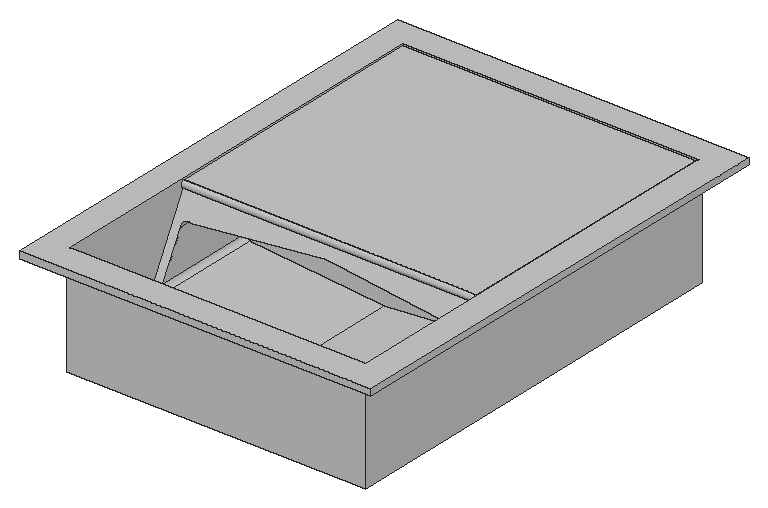
Revit family "Towel_Dispenser-Bradley_Corp-2441", category Specialty Equipment, host Face, Revit 2012
Parameters (values of type "Recessed")
  Width = 12 3/4"
  Warranty Information = "Complete unit, excepting mirrors warranted for one year.\r\n Stainless steel mirror frames for fifteen years.\r\n Plate glass mirrors for fifteen years.\r\n This warranty does not cover installation or any other labor charges and does not apply to any units,\r\n which have been damaged by accident, abuse, improper installation, improper maintenance, or altered in any way."
  Void Width = 11 3/8"
  Void Height = 15 11/16"
  Void Depth = 4"
  Version = "2.0"
  URL = "http://www.bradleycorp.com/"
  Type Comments = "Recessed"
  Technical Data = ""
  Specifications URL = "http://www.bradleycorp.com/3partspec"
  Product Tech Data URL - Spanish = "http://bradleycorp.com/download/155/8150es.pdf"
  Product Tech Data URL - French = "http://bradleycorp.com/download/156/8150fr.pdf"
  Product Tech Data URL - English = "http://bradleycorp.com/download/154/8150.pdf"
  OmniClass Table 23 Title = "Paper Towel Dispenser, Disposal Units"
  OmniClass Table 23 Number = "23-31 25 19 11"
  OmniClass Table 21 Title = "Toilet, Bath, and Laundry Accessories"
  OmniClass Table 21 Number = "21-03 10 90 40"
  Modeling Code = ""
  Model = "2441-000000"
  MasterFormat Title = "Toilet Accessories"
  MasterFormat Number = "10 28 13. 13"
  Manufacturer = "Bradley Corporation"
  Industry Standards = ""
  Height = 17 1/8"
  Fire Rating = "n/a"
  Description = "Towel Dispenser"
  Depth of which projects = 1/4"
  Depth = 4"
  Default Elevation = 48"
  Copyright = "This Model Data is Property of Bradley Corporation"
  Cabinet Material = Metal - Bradley Corp - Stainless Steel Satin
  Buy American Act = "Yes"
  Assembly Code = "C1030200"
  ADA Compliant = "Yes"
Types (4): name | Void Depth | Type Comments | Model | Depth of which projects
  (no name) | 4" | "Recessed" | "2441-000000" | 1/4"
  Recessed | 4" | "Recessed" | "2441-000000" | 1/4"
  Semi-Recessed | 2" | "Semi-Recessed" | "2441-100000" | 2"
  Surface-Mounted | 1/128" | "Surface-Mounted" | "2441-110000" | 4"
Reference planes (in)
  plane 1 "Center (Front/Back)": y = 0
  plane 2: z = 0
  plane 3 "Center (Left/Right)": x = 0
  plane 4 "Front": z = 0.25
  plane 5 "Top": y = 8.5625
  plane 6 "Right": x = 6.375
  plane 7 "Bottom": y = -8.5625
  plane 8 "Left": x = -6.375
  plane 9 "Back": z = -3.75
  plane 10 "Panel": z = 0
  plane 11: x = -5.375
  plane 12: x = 5.375
  plane 13: y = -7.5625
  plane 14: y = 7.5625
  plane 15 "Center (Elevation)": y = -4.4375
Forms (in)
  Extrusion 1, void
    sketch origin (0, 0, 0) x (1, 0, 0) y (0, 1, 0)
      loop
        line (-5.6875, 7.84375) -> (-5.6875, -7.84375) -> (5.6875, -7.84375) -> (5.6875, 7.84375) -> (-5.6875, 7.84375)
    from -4 to 0.25
  Extrusion 2, solid, material "Metal - Bradley Corp - Stainless Steel Satin" <- "Cabinet Material"
    sketch origin (0, 0, 0) x (1, 0, 0) y (0, 1, 0)
      loop
        line (-6.375, 8.5625) -> (-6.375, -8.5625) -> (6.375, -8.5625) -> (6.375, 8.5625) -> (-6.375, 8.5625)
      loop
        line (5.375, -7.5625) -> (5.375, 7.5625) -> (-5.375, 7.5625) -> (-5.375, -7.5625) -> (5.375, -7.5625)
    from 0 to 0.25
  Extrusion 3, solid, material "Metal - Bradley Corp - Stainless Steel Satin" <- "Cabinet Material"
    sketch origin (0, 0, -3.75) x (-1, 0, 0) y (0, -1, 0)
      loop
        line (5.375, -7.5625) -> (5.375, 7.5625) -> (-5.375, 7.5625) -> (-5.375, -7.5625) -> (5.375, -7.5625)
    from 0 to 0.25
  Extrusion 4, solid, material "Metal - Bradley Corp - Stainless Steel Satin" <- "Cabinet Material"
    sketch origin (0, 0, -3.75) x (-1, 0, 0) y (0, -1, 0)
      loop
        line (5.375, -7.5625) -> (5.375, 7.5625) -> (-5.375, 7.5625) -> (-5.375, -7.5625) -> (5.375, -7.5625)
      loop
        line (5.4375, -7.625) -> (5.4375, 7.625) -> (-5.4375, 7.625) -> (-5.4375, -7.625) -> (5.4375, -7.625)
    from 0 to 4
  Extrusion 5, solid, material "Metal - Bradley Corp - Stainless Steel Satin" <- "Cabinet Material", detail levels fine
    sketch origin (0, 0, -3.75) x (-1, 0, 0) y (0, -1, 0)
      loop
        line (5.3125, -7.5) -> (5.3125, 2.4375) -> (-5.3125, 2.4375) -> (-5.3125, -7.5) -> (5.3125, -7.5)
    from 3.75 to 4
  Extrusion 6, solid, material "Metal - Bradley Corp - Stainless Steel Satin" <- "Cabinet Material", detail levels fine
    sketch origin (0, 0, 0) x (0, 1, 0) y (0, 0, 1)
      loop
        line (7.5625, 0) -> (-2.4375, 0) -> (-4.31389, -3.5) -> (7.5625, -3.5) -> (7.5625, 0)
    from -5.375 to 5.375
  Extrusion 7, solid, material "Metal - Bradley Corp - Stainless Steel Satin" <- "Cabinet Material", detail levels coarse+medium
    sketch origin (0, 0, 0) x (0, 1, 0) y (0, 0, 1)
      loop
        line (7.5625, -3.5) -> (7.5625, 0.25) -> (-2.4375, 0.25) -> (-2.4375, 0) -> (-4.31389, -3.5) -> (7.5625, -3.5)
    from -5.375 to 5.375
  Extrusion 8, void
    sketch origin (0, 0, 0) x (1, 0, 0) y (0, 0, 1)
      loop
        line (-5.04655, -0.96526) -> (-5.04655, -2.45546)
        arc (-5.04655, -2.45546) -> (-4.9988, -2.58555) -> (-4.87824, -2.65386) r 0.20108
        arc (-4.87824, -2.65386) -> (-2.44708, -2.94889) -> (0, -3.04572) r 30.16376
        arc (0, -3.04572) -> (2.44708, -2.94889) -> (4.87823, -2.65386) r 30.16374
        arc (4.87823, -2.65386) -> (4.9988, -2.58555) -> (5.04655, -2.45546) r 0.20108
        line (5.04655, -2.45546) -> (5.04655, -0.96526)
        arc (5.04655, -0.96526) -> (4.94619, -0.78161) -> (4.73743, -0.76687) r 0.21822
        arc (4.73743, -0.76687) -> (2.37692, -0.47181) -> (0, -0.375) r 28.44766
        arc (0, -0.375) -> (-2.37691, -0.47181) -> (-4.73743, -0.76687) r 28.44764
        arc (-4.73743, -0.76687) -> (-4.94619, -0.78161) -> (-5.04655, -0.96526) r 0.21823
    from 0 to 4.87595
  Extrusion 9, solid, material "Metal - Bradley Corp - Stainless Steel Satin" <- "Cabinet Material", detail levels fine
    sketch origin (0, -2.4375, 0) x (0, 1, 0) y (0, 0, 1)
      loop
        line (0, 0) -> (0, 0.25)
        arc (0, 0.25) -> (-0.125, 0.125) -> (0, 0) r 0.125
    from -5.3125 to 5.3125
Cuts and joins
  joined: Extrusion 2, Extrusion 4
  Extrusion 8 cuts Extrusion 6
Lines and regions (in)
  Masking region 1
    outline origin (0, 0, 0.25) x (-1, 0, 0) y (0, -1, 0)
      loop
        line (6.375, -8.5625) -> (6.375, 8.5625) -> (-6.375, 8.5625) -> (-6.375, -8.5625) -> (6.375, -8.5625)
  Masking region 2
    outline origin (0, 0, 0) x (1, 0, 0) y (0, 0, 1)
      loop
        line (6.375, 0.25) -> (-6.375, 0.25) -> (-6.375, 0) -> (6.375, 0) -> (6.375, 0.25)
  Masking region 3
    outline origin (0, 0, 0) x (0, 1, 0) y (0, 0, 1)
      loop
        line (-8.5625, 0.25) -> (-8.5625, 0) -> (8.5625, 0) -> (8.5625, 0.25) -> (-8.5625, 0.25)
  model lines, detail levels fine
    curve 1: line (6.375, -8.5625, 0) -> (6.375, 8.5625, 0)
    curve 2: line (6.375, 8.5625, 0) -> (-6.375, 8.5625, 0)
    curve 3: line (-6.375, 8.5625, 0) -> (-6.375, -8.5625, 0)
    curve 4: line (-6.375, -8.5625, 0) -> (6.375, -8.5625, 0)
    curve 6: circle (0, 6.74745, 0.25) r 0.30078 normal (0, 0, 1)
  model lines, detail levels medium+fine
    curve 5: circle (0, 6.74745, 0.25) r 0.46094 normal (0, 0, 1)
  symbolic lines, detail levels medium+fine
    curve 7: line (-5.375, 7.5625, 0.25) -> (5.375, 7.5625, 0.25)
    curve 8: line (-5.375, -7.5625, 0.25) -> (-5.375, 7.5625, 0.25)
    curve 9: line (5.375, -7.5625, 0.25) -> (-5.375, -7.5625, 0.25)
    curve 10: line (5.375, 7.5625, 0.25) -> (5.375, -7.5625, 0.25)
    curve 11: circle (0, 6.74745, 0.25) r 0.46094 normal (0, 0, 1)
    curve 14: spline (4.88878, -3.85934, 0.25) -> (4.48541, -3.89315, 0.25) -> (4.08099, -3.92403, 0.25) -> (3.67561, -3.95197, 0.25) -> (3.26937, -3.97697, 0.25) -> (2.86236, -3.99902, 0.25) -> (2.45469, -4.0181, 0.25) -> (2.04644, -4.03423, 0.25) -> (1.63772, -4.04739, 0.25) -> (1.22862, -4.05759, 0.25) -> (0.81923, -4.06481, 0.25) -> (0.40966, -4.06907, 0.25) -> (0, -4.07035, 0.25)
    curve 15: spline (0, -4.07035, 0.25) -> (-0.40966, -4.06907, 0.25) -> (-0.81923, -4.06481, 0.25) -> (-1.22862, -4.05759, 0.25) -> (-1.63772, -4.04739, 0.25) -> (-2.04644, -4.03423, 0.25) -> (-2.45469, -4.0181, 0.25) -> (-2.86236, -3.99902, 0.25) -> (-3.26937, -3.97697, 0.25) -> (-3.67561, -3.95197, 0.25) -> (-4.08099, -3.92403, 0.25) -> (-4.48541, -3.89315, 0.25) -> (-4.88879, -3.85934, 0.25)
    curve 16: spline (-4.88879, -3.85934, 0.25) -> (-4.91176, -3.85536, 0.25) -> (-4.93366, -3.85022, 0.25) -> (-4.95423, -3.84396, 0.25) -> (-4.97322, -3.83667, 0.25) -> (-4.9904, -3.82844, 0.25) -> (-5.00555, -3.81937, 0.25) -> (-5.01849, -3.80956, 0.25) -> (-5.02907, -3.79914, 0.25) -> (-5.03716, -3.78823, 0.25) -> (-5.04265, -3.77696, 0.25) -> (-5.04549, -3.76548, 0.25) -> (-5.04563, -3.75392, 0.25)
    curve 17: spline (5.04563, -3.75392, 0.25) -> (5.04549, -3.76548, 0.25) -> (5.04265, -3.77696, 0.25) -> (5.03716, -3.78823, 0.25) -> (5.02907, -3.79914, 0.25) -> (5.01849, -3.80956, 0.25) -> (5.00555, -3.81937, 0.25) -> (4.9904, -3.82844, 0.25) -> (4.97322, -3.83667, 0.25) -> (4.95423, -3.84396, 0.25) -> (4.93366, -3.85022, 0.25) -> (4.91176, -3.85536, 0.25) -> (4.88878, -3.85934, 0.25)
    curve 18: line (5.04655, -3.7539, 0.25) -> (5.04655, -2.94362, 0.25)
    curve 19: spline (4.73225, -2.84816, 0.25) -> (4.76689, -2.84239, 0.25) -> (4.80307, -2.83941, 0.25) -> (4.83979, -2.8393, 0.25) -> (4.87605, -2.84205, 0.25) -> (4.91085, -2.8476, 0.25) -> (4.94322, -2.85579, 0.25) -> (4.97229, -2.8664, 0.25) -> (4.99725, -2.87913, 0.25) -> (5.01741, -2.89363, 0.25) -> (5.03222, -2.90951, 0.25) -> (5.04127, -2.92632, 0.25) -> (5.04432, -2.94362, 0.25)
    curve 20: spline (0, -2.63854, 0.25) -> (0.39666, -2.63981, 0.25) -> (0.79323, -2.64403, 0.25) -> (1.18961, -2.6512, 0.25) -> (1.5857, -2.66133, 0.25) -> (1.98141, -2.67441, 0.25) -> (2.37662, -2.69043, 0.25) -> (2.77126, -2.70939, 0.25) -> (3.16521, -2.7313, 0.25) -> (3.55838, -2.75613, 0.25) -> (3.95068, -2.78389, 0.25) -> (4.342, -2.81457, 0.25) -> (4.73225, -2.84816, 0.25)
    curve 21: spline (-4.73225, -2.84816, 0.25) -> (-4.342, -2.81457, 0.25) -> (-3.95068, -2.78389, 0.25) -> (-3.55838, -2.75613, 0.25) -> (-3.16521, -2.7313, 0.25) -> (-2.77126, -2.70939, 0.25) -> (-2.37662, -2.69043, 0.25) -> (-1.98141, -2.67441, 0.25) -> (-1.5857, -2.66133, 0.25) -> (-1.18961, -2.6512, 0.25) -> (-0.79323, -2.64403, 0.25) -> (-0.39666, -2.63981, 0.25) -> (0, -2.63854, 0.25)
    curve 22: spline (-5.04432, -2.94362, 0.25) -> (-5.04128, -2.92632, 0.25) -> (-5.03222, -2.90951, 0.25) -> (-5.01741, -2.89363, 0.25) -> (-4.99725, -2.87913, 0.25) -> (-4.97229, -2.8664, 0.25) -> (-4.94322, -2.85579, 0.25) -> (-4.91085, -2.8476, 0.25) -> (-4.87605, -2.84205, 0.25) -> (-4.83979, -2.8393, 0.25) -> (-4.80306, -2.83941, 0.25) -> (-4.76688, -2.84239, 0.25) -> (-4.73225, -2.84816, 0.25)
    curve 23: line (-5.04655, -2.94362, 0.25) -> (-5.04655, -3.7539, 0.25)
  symbolic lines, detail levels fine
    curve 12: circle (0, 6.74745, 0.25) r 0.30078 normal (0, 0, 1)
  symbolic lines
    curve 13: line (-5.375, -4.31389, 0.25) -> (5.375, -4.31389, 0.25)
    curve 24: line (-5.375, -2.4375, 0.25) -> (5.375, -2.4375, 0.25)
Dimensions and locks (in)
  "Width": plane 8 "Left" to plane 6 "Right"
  "Height": plane 5 "Top" to plane 7 "Bottom"
  equal spacing: plane 7 "Bottom", plane 1 "Center (Front/Back)", plane 5 "Top"
  equal spacing: plane 8 "Left", plane 3 "Center (Left/Right)", plane 6 "Right"
  "Depth": plane 4 "Front" to plane 9 "Back"
  locked: plane 4 "Front" to plane 10 "Panel" at 0.25
  "Depth of which projects": plane 4 "Front" to plane 2
  equal spacing: Extrusion 1 sketch curve, plane 3 "Center (Left/Right)", Extrusion 1 sketch curve
  "Void Width": Extrusion 1 sketch curve to Extrusion 1 sketch curve
  equal spacing: Extrusion 1 sketch curve, plane 1 "Center (Front/Back)", Extrusion 1 sketch curve
  "Void Height": Extrusion 1 sketch curve to Extrusion 1 sketch curve
  locked: plane 5 "Top" to plane 14 at 1
  locked: plane 7 "Bottom" to plane 13 at 1
  locked: plane 8 "Left" to plane 11 at 1
  locked: plane 12 to plane 6 "Right" at 1
  "Void Depth": Extrusion 1 to plane 2
  locked: plane 12 to Extrusion 4 sketch curve at 0.0625
  locked: Extrusion 4 sketch curve to plane 11 at 0.0625
  locked: plane 13 to Extrusion 4 sketch curve at 0.0625
  locked: plane 14 to Extrusion 4 sketch curve at 0.0625
  plane 11 to Extrusion 5 sketch curve = 1/16"
  Extrusion 5 sketch curve to plane 12 = 1/16"
  plane 14 to Extrusion 5 sketch curve = 1/16"
  locked: plane 4 "Front" to Extrusion 8 sketch curve at 1.01687  (x2)
  locked: plane 4 "Front" to Extrusion 8 sketch curve at 1.21526  (x2)
  locked: plane 4 "Front" to Extrusion 8 sketch curve at 0.625
  locked: Extrusion 8 sketch curve to plane 9 "Back" at 1.29454  (x2)
  locked: Extrusion 8 sketch curve to plane 9 "Back" at 1.09614  (x2)
  locked: Extrusion 8 sketch curve to plane 9 "Back" at 0.70428
  locked: plane 14 to Extrusion 7 sketch curve at 11.87639
  locked: plane 14 to Extrusion 7 sketch curve at 10
  locked: plane 1 "Center (Front/Back)" to Extrusion 6 sketch curve at 4.31389
  locked: plane 1 "Center (Front/Back)" to Extrusion 6 sketch curve at 2.4375
  locked: Extrusion 6 sketch curve to plane 4 "Front" at 0.25
  locked: Extrusion 7 sketch curve to plane 9 "Back" (angle 61.8038°)
  aligned and locked: plane 2 to host face
  aligned and locked: level to host face
  aligned and locked: plane 4 "Front" to Extrusion 1
  aligned and locked: plane 8 "Left" to Extrusion 2 sketch curve
  aligned and locked: Extrusion 2 sketch curve to plane 5 "Top"
  aligned and locked: plane 7 "Bottom" to Extrusion 2 sketch curve
  aligned and locked: Extrusion 2 sketch curve to plane 6 "Right"
  aligned and locked: plane 12 to Extrusion 2 sketch curve
  aligned and locked: Extrusion 2 sketch curve to plane 13
  aligned and locked: plane 14 to Extrusion 2 sketch curve
  aligned and locked: plane 11 to Extrusion 2 sketch curve
  aligned and locked: plane 4 "Front" to Extrusion 2
  aligned and locked: Extrusion 2 to plane 2
  aligned and locked: plane 10 "Panel" to curve 1
  aligned and locked: curve 3 to plane 10 "Panel"
  aligned and locked: plane 10 "Panel" to curve 2
  aligned and locked: curve 4 to plane 10 "Panel"
  aligned and locked: plane 11 to Extrusion 3 sketch curve
  aligned and locked: Extrusion 3 sketch curve to plane 14
  aligned and locked: Extrusion 3 sketch curve to plane 12
  aligned and locked: Extrusion 3 sketch curve to plane 13
  aligned and locked: Extrusion 4 sketch curve to plane 13
  aligned and locked: plane 11 to Extrusion 4 sketch curve
  aligned and locked: Extrusion 4 sketch curve to plane 12
  aligned and locked: Extrusion 4 sketch curve to plane 14
  aligned and locked: plane 4 "Front" to Extrusion 4
  aligned and locked: Extrusion 4 to plane 9 "Back"
  aligned and locked: plane 4 "Front" to Extrusion 5
  aligned and locked: Extrusion 5 to plane 10 "Panel"
  aligned and locked: Extrusion 3 to Extrusion 6 sketch curve
  aligned and locked: plane 14 to Extrusion 6 sketch curve
  aligned and locked: Extrusion 6 sketch curve to Extrusion 3
  aligned and locked: Extrusion 7 sketch curve to plane 4 "Front"
  aligned and locked: Extrusion 3 to Extrusion 7 sketch curve
  aligned and locked: Extrusion 7 sketch curve to plane 14
  aligned and locked: Extrusion 7 to plane 11
  aligned and locked: Extrusion 6 to plane 11
  aligned and locked: plane 12 to Extrusion 7
  aligned and locked: plane 12 to Extrusion 6
  aligned and locked: Extrusion 5 to Extrusion 9
  aligned and locked: Extrusion 9 to Extrusion 5
  aligned and locked: Masking region 1 sketch curve to curve 2
  aligned and locked: Masking region 1 sketch curve to curve 3
  aligned and locked: Masking region 1 sketch curve to curve 4
  aligned and locked: Masking region 1 sketch curve to curve 1
  aligned and locked: Masking region 2 sketch curve to cut or joined group of Extrusion 2, Extrusion 4  (x4)
  aligned and locked: Masking region 3 sketch curve to cut or joined group of Extrusion 2, Extrusion 4  (x4)
Automatic sketch dimensions
  host sketch curve to host sketch curve = 21.51752"
  host sketch curve to host sketch curve = 27.50926"
  curve 1 to Extrusion 2 = 0"  (x2)
  curve 2 to Extrusion 2 = 0"  (x2)
  curve 3 to Extrusion 2 = 0"  (x2)
  curve 4 to Extrusion 2 = 0"  (x2)
  plane 1 "Center (Front/Back)" to Extrusion 9 sketch curve = 2 7/16"
  Extrusion 9 sketch curve to plane 10 "Panel" = 0"
  Extrusion 9 sketch curve to Extrusion 9 sketch curve = 1/8"
  Extrusion 8 sketch curve to plane 3 "Center (Left/Right)" = 0"  (x2)
  Extrusion 8 sketch curve to plane 3 "Center (Left/Right)" = 0.03183"  (x2)
  Extrusion 8 sketch curve to Extrusion 8 sketch curve = 0.03277"  (x2)
  Extrusion 8 sketch curve to Extrusion 8 sketch curve = 0"  (x4)
  plane 3 "Center (Left/Right)" to Extrusion 8 sketch curve = 0.03183"  (x2)
  plane 15 "Center (Elevation)" to Extrusion 5 sketch curve = 2"
  curve 5 to curve 6 = 0"  (x2)
  curve 5 to curve 11 = 0"  (x2)
  curve 5 to curve 12 = 0"  (x2)
  curve 10 to plane 12 = 0"
  curve 11 to plane 3 "Center (Left/Right)" = 0"
  curve 8 to plane 11 = 0"
  curve 8 to plane 14 = 0"
  plane 13 to curve 10 = 0"
  curve 11 to plane 14 = 0.81505"
  plane 15 "Center (Elevation)" to curve 13 = 0.12361"
  curve 15 to plane 3 "Center (Left/Right)" = 0"
  curve 15 to plane 5 "Top" = 0.03134"
  plane 6 "Right" to curve 15 = 20.26675"
  curve 14 to curve 15 = 0.05703"
  curve 14 to plane 12 = 0.48622"
  plane 3 "Center (Left/Right)" to curve 14 = 0.02852"
  curve 15 to plane 3 "Center (Left/Right)" = 0.02852"
  plane 11 to curve 15 = 0.48621"
  curve 14 to plane 5 "Top" = 0.03134"
  plane 15 "Center (Elevation)" to curve 14 = 0.57816"
  curve 16 to curve 15 = 0.06469"
  curve 15 to curve 16 = 0.15685"
  curve 16 to curve 16 = 0.00027"
  curve 16 to curve 15 = 0.10542"
  curve 17 to curve 14 = 0.15712"
  curve 17 to curve 17 = 0.00027"
  curve 14 to curve 17 = 0.06469"
  curve 17 to curve 14 = 0.10542"
  plane 1 "Center (Front/Back)" to curve 18 = 2.94362"
  curve 20 to plane 3 "Center (Left/Right)" = 0"
  curve 18 to curve 17 = 0.00091"
  curve 19 to plane 12 = 0.33068"
  curve 19 to curve 20 = 0.09064"
  curve 19 to curve 19 = 0.13079"
  plane 3 "Center (Left/Right)" to curve 20 = 0.02843"
  plane 7 "Bottom" to curve 20 = 5.96291"
  plane 8 "Left" to curve 20 = 18.75435"
  curve 20 to curve 15 = 1.4318"
  curve 19 to curve 19 = 0.09546"
  curve 18 to curve 17 = 0.00002"
  curve 21 to plane 3 "Center (Left/Right)" = 0.02843"
  plane 11 to curve 21 = 0.64275"
  curve 20 to curve 21 = 0.05684"
  curve 21 to curve 16 = 0.91093"
  curve 21 to curve 22 = 0.09064"
  curve 22 to curve 22 = 0.22143"
  curve 21 to curve 22 = 0.09546"
  plane 1 "Center (Front/Back)" to curve 23 = 2.94362"
  curve 16 to curve 23 = 0.00091"
  curve 24 to curve 22 = 0.50612"
  curve 23 to curve 16 = 0.00002"
  radius of curve 5 = 59/128"
  radius of curve 6 = 77/256"
  radius of curve 11 = 59/128"
  radius of curve 12 = 77/256"
